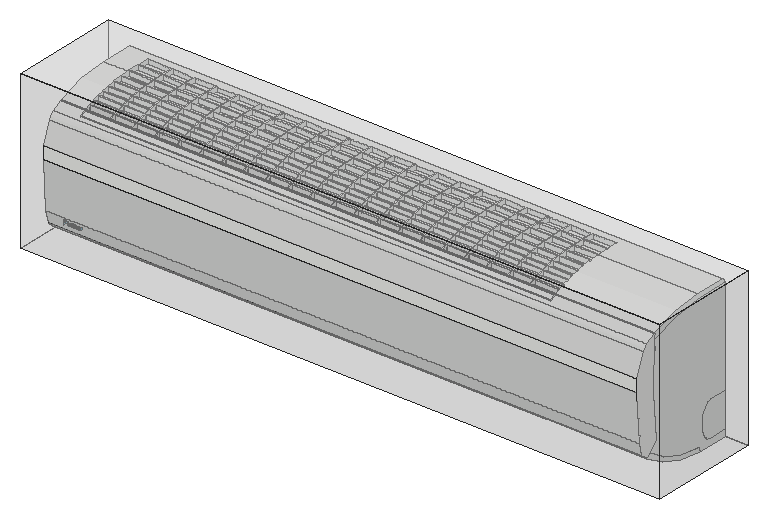
Revit family "outputfile", category 機械設備, Revit 2024
Family settings
  丸型コネクタ寸法 = 半径を使用
  パーツ タイプ = 標準
  OmniClass 番号 = 23.75.10.24.21.27.27
  OmniClass タイトル = Split System Air Conditioning Units
  作業面ベース = いいえ
  常に垂直 = はい
  ロード時にボイドで切り取り = いいえ
  注釈の向きを維持 = いいえ
  共有 = いいえ
  部屋計算ポイント = いいえ
Parameters (values of type "FTN71AXVL")
  Description = ""
  製造元 = "Daikin"
  書き出し IFC クラス(タイプ) = "IfcUnitaryEquipmentType"
  定義済み IFC タイプ(タイプ) = "AIRCONDITIONINGUNIT"
  Cost = 0
  モデル = "FTN71AXVL"
  Type Comments = ""
  Keynote = ""
  Type Image = (empty or 0)
  Assembly Code = ""
  switch_frequency = yes
  r_Liquid Pipe Size = Liquid Pipe Size / 2  # 4.75 mm
  r_Gas Pipe Size = Gas Pipe Size / 2  # 7.95 mm
  r_Drain Pipe Size = Drain Pipe Size / 2  # 9.5 mm
  lw_powersupply [instance] = if(or(Rear Right Connection_refrigerant, Bottom Right Connection_refrigerant), 60.0 mm, if(or(Rear Left Connection_refrigerant, Bottom Left Connection_refrigerant), 1289.0 mm - 30.0 mm, 400.0 mm))  # 400.0 mm
  lw_liquidpipe [instance] = if(or(Rear Right Connection_refrigerant, Bottom Right Connection_refrigerant), 8.5 mm + 2.0 mm, if(or(Rear Left Connection_refrigerant, Bottom Left Connection_refrigerant), 1289.0 mm - 53.0 mm - 80.0 mm, 1289.0 mm - 650.0 mm - 80.0 mm))  # 559.0 mm
  lw_gaspipe [instance] = if(or(Rear Right Connection_refrigerant, Bottom Right Connection_refrigerant), 0.0 mm, if(or(Rear Left Connection_refrigerant, Bottom Left Connection_refrigerant), 1289.0 mm - 64.0 mm - 80.0 mm, 1289.0 mm - 52.0 mm - 650.0 mm - 80.0 mm))  # 507.0 mm
  lw_drainpipe [instance] = if(or(Rear Right Connection_refrigerant, Bottom Right Connection_refrigerant), 0.0 mm, if(or(Rear Left Connection_refrigerant, Bottom Left Connection_refrigerant), 1289.0 mm - 49.0 mm - 80.0 mm, 0.0 mm))  # 0.0 mm
  l_powersupply_length [instance] = if(Right Connection_refrigerant, 400.0 mm, if(Left Connection_refrigerant, 1289.0 mm - 400.0 mm, if(or(Rear Left Connection_refrigerant, Rear Right Connection_refrigerant), 15.0 mm, 50.0 mm)))  # 400.0 mm
  l_liquidpipe_length [instance] = if(Right Connection_refrigerant, 1289.0 mm - 650.0 mm, if(Left Connection_refrigerant, 1289.0 mm - (1289.0 mm - 650.0 mm), if(or(Rear Left Connection_refrigerant, Rear Right Connection_refrigerant), 30.0 mm, 50.0 mm)))  # 639.0 mm
  l_gaspipe_length [instance] = if(Right Connection_refrigerant, 1289.0 mm - 52.0 mm - 650.0 mm, if(Left Connection_refrigerant, 1289.0 mm - (1289.0 mm - 52.0 mm - 650.0 mm), if(or(Rear Left Connection_refrigerant, Rear Right Connection_refrigerant), 40.0 mm, 50.0 mm)))  # 587.0 mm
  l_drainpipe_length [instance] = if(Right Connection_refrigerant, 80.0 mm, if(Left Connection_refrigerant, 1289.0 mm - 80.0 mm, if(or(Rear Left Connection_refrigerant, Rear Right Connection_refrigerant), 15.0 mm, 30.0 mm)))  # 80.0 mm
  h*** = 0.0 mm  # constant formula
  connector_voltage = 220 V
  connector_powerinput = [Power Input (Cooling)]  # 2.300 kW
  connector_phase = 1
  angle_vertical [instance] = if(or(Bottom Left Connection_refrigerant, Bottom Right Connection_refrigerant), 0.00°, 90.00°)  # 90.00°
  angle_horizontal [instance] = if(Right Connection_refrigerant, 90.00°, if(Left Connection_refrigerant, -90.00°, if(or(Rear Left Connection_refrigerant, Rear Right Connection_refrigerant), 180.00°, 0.00°)))  # 90.00°
  Width = 1289.0 mm
  Voltage_comment_60Hz = "220"
  Voltage_60Hz = 220 V
  Version = "ver.1.0"
  Unit Type = "Wall Mounted"
  Unit Mass Weight = 16.00 kg
  Unit Designation [instance] = ""
  Uniclass2015Version = "Products v1.30"
  Uniclass2015Title = "Split coil room air conditioning units"
  Uniclass2015Code = "Pr_70_65_03_86"
  URL = ""
  Total Cooling Capacity [instance] = 0.000 kW
  Sound Pressure Level_M speed (dBA) = 45
  Sound Pressure Level_L speed (dBA) = 38
  Sound Pressure Level_H speed (dBA) = 52
  Sound Power Level_H speed (dB) = 0
  Series = "Single Split_Fan Coil Unit"
  Sensible Cooling Capacity [instance] = 0.000 kW
  Refrigerant Type = "R410A"
  Power Input (Cooling) = 2.300 kW
  Phase_60Hz = 1
  Option Accessory 3 [instance] = ""
  Option Accessory 2 [instance] = ""
  Option Accessory 1 [instance] = ""
  Nominal Cooling Capacity = 8.060 kW
  Minimum Circuit Amps_60Hz = 0.0 A
  Minimum Airflow = 968.00 m³/h
  Median Airflow = 1291.00 m³/h
  Maximum Fuse Amps_60Hz = 0.0 A
  Maximum Airflow = 1682.00 m³/h
  Material_Casing = DAIKIN_White_Casing_indoorunit
  Load Classification = HVAC
  Liquid Pipe Size = 9.5 mm
  Link_Nested Family [instance] = ""
  IfcVersion = ""
  IfcExportType = "AIRCONDITIONINGUNIT"
  IfcExportAs = "IfcUnitaryEquipmentType"
  Height = 310.0 mm
  Heat Exchanger Type = "Cross Fin Coil"
  Gas Pipe Size = 15.9 mm
  Frequency_60Hz = 60 Hz
  Fan Type = "Cross Flow Fan"
  Fan Drive = "-"
  FCU Tag No. [instance] = ""
  Drain Pipe Size = 19.0 mm
  Design Supply Airflow [instance] = 0.00 m³/h
  Depth = 240.0 mm
  既定の高さ = 0.0 mm
  Cooling Entering Wet Bulb Temperature [instance] = 0.00 °C
  Cooling Entering Dry Bulb Temperature [instance] = 0.00 °C
  Cooling Ambient Wet Bulb Temperature [instance] = 0.00 °C
  Cooling Ambient Dry Bulb Temperature [instance] = 0.00 °C
  Clearance visibility [instance] = yes
  Clearance Top = 30.0 mm
  Clearance Right = 50.0 mm
  Clearance Rear = 0.0 mm
  Clearance Left = 50.0 mm
  Clearance Front = 0.0 mm
  Clearance Bottom = 0.0 mm
  Bottom Right Connection_refrigerant [instance] = no
  Bottom Left Connection_refrigerant [instance] = no
  Rear Right Connection_refrigerant [instance] = no
  Rear Left Connection_refrigerant [instance] = no
  Right Connection_refrigerant [instance] = yes
  Left Connection_refrigerant [instance] = no
Reference planes
  plane 1 "Back": y = 0
  plane 2: z = 0
  plane 3 "Center (Left/Right)": x = 0
  plane 4 "Center (Front/Back)": y = -120
  plane 5 "Front": y = -240
  plane 6 "Left": x = -644.5
  plane 7 "Right": x = 644.5
  plane 8 "Top": z = 0
  plane 9 "Bottom": z = -310
  plane 10: x = -694.5
  plane 11: x = 694.5
  plane 12: y = 0
  plane 13: y = -240
  plane 14: z = 30
  plane 15: z = -310
  plane 16 "lw_Piping and Wiring intake": x = 564.5
  plane 17 "lw_gaspipe": x = 57.5
  plane 18 "lw_liquidpipe": x = 5.5
  plane 19 "lw_drainpipe": x = 564.5
  plane 20 "lh_drainpipe": z = -280
  plane 21 "lh_liquidpipe": z = -260
  plane 22 "lh_gaspipe": z = -260
  plane 23 "ld_drainpipe": y = -15
  plane 24 "ld_liquidpipe": y = -30
  plane 25 "ld_gaspipe": y = -40
  plane 26 "lw_powersupply": x = 244.5
Dimensions and locks
  equal spacing: plane 6 "Left", plane 3 "Center (Left/Right)", plane 7 "Right"
  "Width": plane 6 "Left" to plane 7 "Right"
  equal spacing: plane 5 "Front", plane 4 "Center (Front/Back)", plane 1 "Back"
  "Depth": plane 5 "Front" to plane 1 "Back"
  "Height": plane 8 "Top" to plane 9 "Bottom"
  "Clearance Rear": plane 12 to plane 1 "Back"
  "Clearance Front": plane 13 to plane 5 "Front"
  "Clearance Top": plane 14 to plane 8 "Top"
  "Clearance Bottom": plane 9 "Bottom" to plane 15
  locked: plane 16 "lw_Piping and Wiring intake" to plane 7 "Right" at 80
  "lw_gaspipe": plane 17 "lw_gaspipe" to plane 16 "lw_Piping and Wiring intake"
  "lw_liquidpipe": plane 18 "lw_liquidpipe" to plane 16 "lw_Piping and Wiring intake"
  "lw_drainpipe": plane 19 "lw_drainpipe" to plane 16 "lw_Piping and Wiring intake"
  locked: plane 20 "lh_drainpipe" to plane 9 "Bottom" at 30
  locked: plane 21 "lh_liquidpipe" to plane 9 "Bottom" at 50
  locked: plane 22 "lh_gaspipe" to plane 9 "Bottom" at 50
  locked: plane 23 "ld_drainpipe" to plane 1 "Back" at 15
  locked: plane 1 "Back" to plane 24 "ld_liquidpipe" at 30
  locked: plane 1 "Back" to plane 25 "ld_gaspipe" at 40
  "lw_powersupply": plane 26 "lw_powersupply" to plane 7 "Right"
  "Clearance Left": plane 10 to plane 6 "Left"
  "Clearance Right": plane 7 "Right" to plane 11
  aligned and locked: level to plane 2
  aligned and locked: plane 12 to nested 1
  aligned and locked: nested 1 to plane 13
  aligned and locked: plane 10 to nested 1
  aligned and locked: plane 11 to nested 1
  aligned and locked: plane 17 "lw_gaspipe" to nested 2
  aligned and locked: nested 2 to plane 25 "ld_gaspipe"
  aligned and locked: plane 18 "lw_liquidpipe" to nested 3
  aligned and locked: nested 3 to plane 24 "ld_liquidpipe"
  aligned and locked: plane 19 "lw_drainpipe" to nested 4
  aligned and locked: nested 4 to plane 23 "ld_drainpipe"
  aligned and locked: nested 5 to plane 23 "ld_drainpipe"
  aligned and locked: plane 26 "lw_powersupply" to nested 5
  aligned and locked: level to plane 8 "Top"
  aligned and locked: plane 14 to nested 1
  aligned and locked: plane 15 to nested 1
  aligned and locked: plane 1 "Back" to nested 6
  aligned and locked: plane 3 "Center (Left/Right)" to nested 6
  aligned and locked: plane 8 "Top" to nested 6
Nested families
  nested 1: "daikin_clearancespace" at (0, -120, -139.881), show <- "Clearance visibility", visible <- "Clearance visibility", Link_Nested Family <- "Link_Nested Family", type "daikin_clearancespace"
    with width 1389.0 mm, show yes, height 340.0 mm, depth 240.0 mm, Link_Nested Family ""
  nested 2: "daikin_connector_rotate3" at (57.5, -40, -260), angle_vertical <- "angle_vertical", angle_horizontal <- "angle_horizontal", length <- "l_gaspipe_length", radius <- "r_Gas Pipe Size", type "daikin_connector_rotate3"
    with show no, radius 7.95 mm, length 587.0 mm, angle_vertical 90.00°, angle_horizontal 90.00°
  nested 3: "daikin_connector_rotate3" at (5.5, -30, -260), angle_vertical <- "angle_vertical", angle_horizontal <- "angle_horizontal", radius <- "r_Liquid Pipe Size", length <- "l_liquidpipe_length", type "daikin_connector_rotate3"
    with show no, radius 4.75 mm, length 639.0 mm, angle_vertical 90.00°, angle_horizontal 90.00°
  nested 4: "daikin_connector_rotate3" at (564.5, -15, -280), angle_vertical <- "angle_vertical", angle_horizontal <- "angle_horizontal", length <- "l_drainpipe_length", radius <- "r_Drain Pipe Size", type "daikin_connector_rotate3"
    with show no, radius 9.5 mm, length 80.0 mm, angle_vertical 90.00°, angle_horizontal 90.00°
  nested 5: "daikin_connector_rotate3" at (244.5, -15, -260), angle_vertical <- "angle_vertical", angle_horizontal <- "angle_horizontal", length <- "l_powersupply_length", type "daikin_connector_rotate3"
    with show no, radius 10.0 mm, length 400.0 mm, angle_vertical 90.00°, angle_horizontal 90.00°
  nested 6: "DAIKIN_indoorunit_FTN-AXVL" at (-31, 0, 0), type "FTN-AXVL"
Connectors
  piping at (644.5, -40, -260), diameter 15.9, driven by "r_Gas Pipe Size"
    settings: on nested 2, index 1, connector inside diameter 609.6 mm, connector length 0.0 mm, flow factor 0, pipe flow 0.00 m³/h, pressure drop 0.0 Pa, fitting loss kfactor 0, connector angle 0.00°, fixture units 0, engagement length 0.0 mm, angle of deflection 0.00°, flow configuration 1, flow direction 2, fitting loss method 0, system type 29, joint type 0, gender type 0, connector reference index -1, connector utility 0, adjustable connector no, is connector primary yes, connector description "Refrigerant Gas Piping"
  piping at (644.5, -30, -260), diameter 9.5, driven by "r_Liquid Pipe Size"
    settings: on nested 3, index 2, connector inside diameter 609.6 mm, connector length 0.0 mm, flow factor 0, pipe flow 0.00 m³/h, pressure drop 0.0 Pa, fitting loss kfactor 0, connector angle 0.00°, fixture units 0, engagement length 0.0 mm, angle of deflection 0.00°, flow configuration 1, flow direction 1, fitting loss method 0, system type 29, joint type 0, gender type 0, connector reference index -1, connector utility 0, adjustable connector no, is connector primary no, connector description "Refrigerant Liquid Piping"
  piping at (644.5, -15, -280), diameter 19, driven by "r_Drain Pipe Size"
    settings: on nested 4, index 3, connector inside diameter 609.6 mm, connector length 0.0 mm, flow factor 0, pipe flow 0.00 m³/h, pressure drop 0.0 Pa, fitting loss kfactor 0, connector angle 0.00°, fixture units 0, engagement length 0.0 mm, angle of deflection 0.00°, flow configuration 1, flow direction 2, fitting loss method 4, system type 16, joint type 0, gender type 0, connector reference index -1, connector utility 0, adjustable connector no, is connector primary no, connector description "Condensate Drain Piping"
  electrical at (644.5, -15, -260), driven by "Load Classification", driven by "connector_voltage", driven by "connector_powerinput", driven by "connector_phase"
    settings: on nested 5, index 4, voltage 220 V, apparent load 2300 VA, apparent load phase1 0 VA, apparent load phase2 0 VA, apparent load phase3 0 VA, power factor 1, load classification "HVAC", number of poles 1, system type 30, power factor state 1, is connector primary yes, connector utility no, sub classification motor no, connector description "Power Supply"
Definition of nested family "daikin_clearancespace"
  Parameters (values of type "daikin_clearancespace")
    Description = "daikin_clearancespace"
    width [instance] = 1823.963 mm
    show [instance] = yes
    material = none
    height [instance] = 1359.762 mm
    depth [instance] = 880.0 mm
    Default Elevation = 0.0 mm
    Link_Nested Family [instance] = ""
  Reference planes
    plane 1 "Center (Front/Back)": y = 0
    plane 2 "Center (Elevation)": z = -0.119
    plane 3 "Center (Left/Right)": x = 0
    plane 4: y = 440
    plane 5: y = -440
    plane 6 "Right": x = 911.982
    plane 7 "Left": x = -911.982
    plane 8 "Top": z = 679.762
    plane 9 "Bottom": z = -680
  Forms (mm)
    Extrusion 1, solid, material <- "material", visible <- "show"
      sketch origin (0, 0, 0) x (1, 0, 0) y (0, 1, 0)
        loop
          line (-911.982, 440) -> (-911.982, -440) -> (911.982, -440) -> (911.982, 440) -> (-911.982, 440)
      from -680 to 679.762
  Lines and regions (mm)
    symbolic lines, visible <- "show"
      curve 1: line (911.982, 440, 0) -> (-911.982, 440, 0)
      curve 2: line (-911.982, 440, 0) -> (-911.982, -440, 0)
      curve 3: line (-911.982, -440, 0) -> (911.982, -440, 0)
      curve 4: line (911.982, -440, 0) -> (911.982, 440, 0)
      curve 5: line (911.982, 0, 679.762) -> (-911.982, 0, 679.762)
      curve 6: line (911.982, 0, -680) -> (911.982, 0, 679.762)
      curve 7: line (-911.982, 0, -680) -> (911.982, 0, -680)
      curve 8: line (-911.982, 0, 679.762) -> (-911.982, 0, -680)
      curve 9: line (0, 440, 679.762) -> (0, -440, 679.762)
      curve 10: line (0, -440, 679.762) -> (0, -440, -680)
      curve 11: line (0, 440, -680) -> (0, 440, 679.762)
      curve 12: line (0, -440, -680) -> (0, 440, -680)
  Dimensions and locks
    "width": plane 7 "Left" to plane 6 "Right"
    "depth": plane 4 to plane 5
    "height": plane 8 "Top" to plane 9 "Bottom"
    equal spacing: plane 7 "Left", plane 3 "Center (Left/Right)", plane 6 "Right"
    equal spacing: plane 4, plane 1 "Center (Front/Back)", plane 5
    equal spacing: plane 8 "Top", plane 2 "Center (Elevation)", plane 9 "Bottom"
    aligned and locked: level to plane 2 "Center (Elevation)"
    aligned and locked: Extrusion 1 sketch curve to plane 4
    aligned and locked: plane 7 "Left" to Extrusion 1 sketch curve
    aligned and locked: Extrusion 1 sketch curve to plane 5
    aligned and locked: Extrusion 1 sketch curve to plane 6 "Right"
    aligned and locked: plane 8 "Top" to Extrusion 1
    aligned and locked: curve 1 to Extrusion 1
    aligned and locked: curve 2 to Extrusion 1
    aligned and locked: curve 3 to Extrusion 1
    aligned and locked: curve 4 to Extrusion 1
    aligned and locked: curve 5 to Extrusion 1
    aligned and locked: curve 6 to Extrusion 1
    aligned and locked: curve 7 to Extrusion 1
    aligned and locked: curve 8 to Extrusion 1
    aligned and locked: curve 9 to Extrusion 1
    aligned and locked: curve 10 to Extrusion 1
    aligned and locked: curve 11 to Extrusion 1
    aligned and locked: curve 12 to Extrusion 1
    aligned and locked: Extrusion 1 to plane 9 "Bottom"
Definition of nested family "DAIKIN_indoorunit_FTN-AXVL"
  Parameters (values of type "FTN-AXVL")
    Width = 1289.0 mm
    Material_Casing = none
    Height = 310.0 mm
    Default Elevation = 0.0 mm
  Reference planes
    plane 1 "Center (Front/Back)": y = 0
    plane 2 "reference_level": z = 0
    plane 3 "Center (Left/Right)": x = 31
    plane 4: x = -613.5
    plane 5: x = 675.5
    plane 6: x = -613.5
    plane 7: x = 675.5
    plane 8: z = -310
    plane 9: y = -240
  Forms (mm)
    Extrusion 1, solid, material <- "Material_Casing"
      sketch origin (31, 0, 0) x (0, 1, 0) y (0, 0, 1)
        loop
          line (-240, -108.683) -> (-240, -119.855)
          arc (-240, -119.855) -> (-238.102, -170.868) -> (-232.417, -221.599) r 686.386
          arc (-232.417, -221.599) -> (-229.642, -235.369) -> (-225.505, -248.793) r 140.317
          line (-225.505, -248.793) -> (-213.122, -258.896) -> (-189.477, -235.225)
          arc (-189.477, -235.225) -> (-197.238, -135.966) -> (-193.225, -36.486) r 841.8
          arc (-193.225, -36.486) -> (-200.396, -40.104) -> (-207.345, -44.133) r 138.405
          arc (-207.345, -44.133) -> (-211.101, -47.384) -> (-213.669, -51.636) r 15.895
          line (-213.669, -51.636) -> (-240, -108.683)
      from -644.5 to 644.5
    Extrusion 2, void
      sketch origin (33, 0, 0) x (1, 0, 0) y (0, 1, 0)
        loop
          line (-540.8, -47.517) -> (-540.8, -23.017) -> (-594, -23.017) -> (-594, -47.517) -> (-540.8, -47.517)
        loop
          line (-540.8, -72.517) -> (-540.8, -49.517) -> (-594, -49.517) -> (-594, -72.517) -> (-540.8, -72.517)
        loop
          line (-540.8, -74.517) -> (-594, -74.517) -> (-594, -93.735) -> (-540.8, -93.735) -> (-540.8, -74.517)
        loop
          line (-540.8, -95.517) -> (-594, -95.517) -> (-594, -113.517) -> (-540.8, -113.517) -> (-540.8, -95.517)
        loop
          line (-540.8, -115.517) -> (-594, -115.517) -> (-594, -128.517) -> (-540.8, -128.517) -> (-540.8, -115.517)
        loop
          line (-540.8, -145.517) -> (-594, -145.517) -> (-594, -155.517) -> (-540.8, -155.517) -> (-540.8, -145.517)
        loop
          line (-540.8, -157.517) -> (-594, -157.517) -> (-594, -167.517) -> (-540.8, -167.517) -> (-540.8, -157.517)
        loop
          line (-540.8, -169.517) -> (-594, -169.517) -> (-594, -178.517) -> (-540.8, -178.517) -> (-540.8, -169.517)
        loop
          line (-540.8, -180.517) -> (-594, -180.517) -> (-594, -190.517) -> (-540.8, -190.517) -> (-540.8, -180.517)
        loop
          line (-298.8, -23.017) -> (-298.8, -47.517) -> (-252.8, -47.517) -> (-252.8, -23.017) -> (-298.8, -23.017)
        loop
          line (-252.8, -49.517) -> (-298.8, -49.517) -> (-298.8, -72.517) -> (-252.8, -72.517) -> (-252.8, -49.517)
        loop
          line (-298.8, -74.517) -> (-298.8, -93.517) -> (-252.8, -93.517) -> (-252.8, -74.517) -> (-298.8, -74.517)
        loop
          line (-252.8, -95.517) -> (-298.8, -95.517) -> (-298.8, -113.517) -> (-252.8, -113.517) -> (-252.8, -95.517)
        loop
          line (-298.8, -115.517) -> (-298.8, -128.517) -> (-252.8, -128.517) -> (-252.8, -115.517) -> (-298.8, -115.517)
        loop
          line (-252.8, -145.517) -> (-298.8, -145.517) -> (-298.8, -155.517) -> (-252.8, -155.517) -> (-252.8, -145.517)
        loop
          line (-298.8, -157.517) -> (-298.8, -167.517) -> (-252.8, -167.517) -> (-252.8, -157.517) -> (-298.8, -157.517)
        loop
          line (-252.8, -169.517) -> (-298.8, -169.517) -> (-298.8, -178.517) -> (-252.8, -178.517) -> (-252.8, -169.517)
        loop
          line (-298.8, -180.517) -> (-298.8, -190.517) -> (-252.8, -190.517) -> (-252.8, -180.517) -> (-298.8, -180.517)
        loop
          line (-250.8, -23.017) -> (-250.8, -47.517) -> (-204.8, -47.517) -> (-204.8, -23.017) -> (-250.8, -23.017)
        loop
          line (-204.8, -49.517) -> (-250.8, -49.517) -> (-250.8, -72.517) -> (-204.8, -72.517) -> (-204.8, -49.517)
        loop
          line (-250.8, -74.517) -> (-250.8, -93.517) -> (-204.8, -93.517) -> (-204.8, -74.517) -> (-250.8, -74.517)
        loop
          line (-204.8, -95.517) -> (-250.8, -95.517) -> (-250.8, -113.517) -> (-204.8, -113.517) -> (-204.8, -95.517)
        loop
          line (-250.8, -115.517) -> (-250.8, -128.517) -> (-204.8, -128.517) -> (-204.8, -115.517) -> (-250.8, -115.517)
        loop
          line (-204.8, -145.517) -> (-250.8, -145.517) -> (-250.8, -155.517) -> (-204.8, -155.517) -> (-204.8, -145.517)
        loop
          line (-250.8, -157.517) -> (-250.8, -167.517) -> (-204.8, -167.517) -> (-204.8, -157.517) -> (-250.8, -157.517)
        loop
          line (-204.8, -169.517) -> (-250.8, -169.517) -> (-250.8, -178.517) -> (-204.8, -178.517) -> (-204.8, -169.517)
        loop
          line (-250.8, -180.517) -> (-250.8, -190.517) -> (-204.8, -190.517) -> (-204.8, -180.517) -> (-250.8, -180.517)
        loop
          line (-202.8, -23.017) -> (-202.8, -47.517) -> (-156.8, -47.517) -> (-156.8, -23.017) -> (-202.8, -23.017)
        loop
          line (-156.8, -49.517) -> (-202.8, -49.517) -> (-202.8, -72.517) -> (-156.8, -72.517) -> (-156.8, -49.517)
        loop
          line (-202.8, -74.517) -> (-202.8, -93.517) -> (-156.8, -93.517) -> (-156.8, -74.517) -> (-202.8, -74.517)
        loop
          line (-156.8, -95.517) -> (-202.8, -95.517) -> (-202.8, -113.517) -> (-156.8, -113.517) -> (-156.8, -95.517)
        loop
          line (-202.8, -115.517) -> (-202.8, -128.517) -> (-156.8, -128.517) -> (-156.8, -115.517) -> (-202.8, -115.517)
        loop
          line (-156.8, -145.517) -> (-202.8, -145.517) -> (-202.8, -155.517) -> (-156.8, -155.517) -> (-156.8, -145.517)
        loop
          line (-202.8, -157.517) -> (-202.8, -167.517) -> (-156.8, -167.517) -> (-156.8, -157.517) -> (-202.8, -157.517)
        loop
          line (-156.8, -169.517) -> (-202.8, -169.517) -> (-202.8, -178.517) -> (-156.8, -178.517) -> (-156.8, -169.517)
        loop
          line (-202.8, -180.517) -> (-202.8, -190.517) -> (-156.8, -190.517) -> (-156.8, -180.517) -> (-202.8, -180.517)
        loop
          line (-154.8, -23.017) -> (-154.8, -47.517) -> (-108.8, -47.517) -> (-108.8, -23.017) -> (-154.8, -23.017)
        loop
          line (-108.8, -49.517) -> (-154.8, -49.517) -> (-154.8, -72.517) -> (-108.8, -72.517) -> (-108.8, -49.517)
        loop
          line (-154.8, -74.517) -> (-154.8, -93.517) -> (-108.8, -93.517) -> (-108.8, -74.517) -> (-154.8, -74.517)
        loop
          line (-108.8, -95.517) -> (-154.8, -95.517) -> (-154.8, -113.517) -> (-108.8, -113.517) -> (-108.8, -95.517)
        loop
          line (-154.8, -115.517) -> (-154.8, -128.517) -> (-108.8, -128.517) -> (-108.8, -115.517) -> (-154.8, -115.517)
        loop
          line (-108.8, -145.517) -> (-154.8, -145.517) -> (-154.8, -155.517) -> (-108.8, -155.517) -> (-108.8, -145.517)
        loop
          line (-154.8, -157.517) -> (-154.8, -167.517) -> (-108.8, -167.517) -> (-108.8, -157.517) -> (-154.8, -157.517)
        loop
          line (-108.8, -169.517) -> (-154.8, -169.517) -> (-154.8, -178.517) -> (-108.8, -178.517) -> (-108.8, -169.517)
        loop
          line (-154.8, -180.517) -> (-154.8, -190.517) -> (-108.8, -190.517) -> (-108.8, -180.517) -> (-154.8, -180.517)
        loop
          line (-106.8, -23.017) -> (-106.8, -47.517) -> (-60.8, -47.517) -> (-60.8, -23.017) -> (-106.8, -23.017)
        loop
          line (-60.8, -49.517) -> (-106.8, -49.517) -> (-106.8, -72.517) -> (-60.8, -72.517) -> (-60.8, -49.517)
        loop
          line (-106.8, -74.517) -> (-106.8, -93.517) -> (-60.8, -93.517) -> (-60.8, -74.517) -> (-106.8, -74.517)
        loop
          line (-60.8, -95.517) -> (-106.8, -95.517) -> (-106.8, -113.517) -> (-60.8, -113.517) -> (-60.8, -95.517)
        loop
          line (-106.8, -115.517) -> (-106.8, -128.517) -> (-60.8, -128.517) -> (-60.8, -115.517) -> (-106.8, -115.517)
        loop
          line (-60.8, -145.517) -> (-106.8, -145.517) -> (-106.8, -155.517) -> (-60.8, -155.517) -> (-60.8, -145.517)
        loop
          line (-106.8, -157.517) -> (-106.8, -167.517) -> (-60.8, -167.517) -> (-60.8, -157.517) -> (-106.8, -157.517)
        loop
          line (-60.8, -169.517) -> (-106.8, -169.517) -> (-106.8, -178.517) -> (-60.8, -178.517) -> (-60.8, -169.517)
        loop
          line (-106.8, -180.517) -> (-106.8, -190.517) -> (-60.8, -190.517) -> (-60.8, -180.517) -> (-106.8, -180.517)
        loop
          line (37.2, -23.017) -> (37.2, -47.517) -> (83.2, -47.517) -> (83.2, -23.017) -> (37.2, -23.017)
        loop
          line (83.2, -49.517) -> (37.2, -49.517) -> (37.2, -72.517) -> (83.2, -72.517) -> (83.2, -49.517)
        loop
          line (37.2, -74.517) -> (37.2, -93.517) -> (83.2, -93.517) -> (83.2, -74.517) -> (37.2, -74.517)
        loop
          line (83.2, -95.517) -> (37.2, -95.517) -> (37.2, -113.517) -> (83.2, -113.517) -> (83.2, -95.517)
        loop
          line (37.2, -115.517) -> (37.2, -128.517) -> (83.2, -128.517) -> (83.2, -115.517) -> (37.2, -115.517)
        loop
          line (83.2, -145.517) -> (37.2, -145.517) -> (37.2, -155.517) -> (83.2, -155.517) -> (83.2, -145.517)
        loop
          line (37.2, -157.517) -> (37.2, -167.517) -> (83.2, -167.517) -> (83.2, -157.517) -> (37.2, -157.517)
        loop
          line (83.2, -169.517) -> (37.2, -169.517) -> (37.2, -178.517) -> (83.2, -178.517) -> (83.2, -169.517)
        loop
          line (37.2, -180.517) -> (37.2, -190.517) -> (83.2, -190.517) -> (83.2, -180.517) -> (37.2, -180.517)
        loop
          line (85.2, -23.017) -> (85.2, -47.517) -> (131.2, -47.517) -> (131.2, -23.017) -> (85.2, -23.017)
        loop
          line (131.2, -49.517) -> (85.2, -49.517) -> (85.2, -72.517) -> (131.2, -72.517) -> (131.2, -49.517)
        loop
          line (85.2, -74.517) -> (85.2, -93.517) -> (131.2, -93.517) -> (131.2, -74.517) -> (85.2, -74.517)
        loop
          line (131.2, -95.517) -> (85.2, -95.517) -> (85.2, -113.517) -> (131.2, -113.517) -> (131.2, -95.517)
        loop
          line (85.2, -115.517) -> (85.2, -128.517) -> (131.2, -128.517) -> (131.2, -115.517) -> (85.2, -115.517)
        loop
          line (131.2, -145.517) -> (85.2, -145.517) -> (85.2, -155.517) -> (131.2, -155.517) -> (131.2, -145.517)
        loop
          line (85.2, -157.517) -> (85.2, -167.517) -> (131.2, -167.517) -> (131.2, -157.517) -> (85.2, -157.517)
        loop
          line (131.2, -169.517) -> (85.2, -169.517) -> (85.2, -178.517) -> (131.2, -178.517) -> (131.2, -169.517)
        loop
          line (85.2, -180.517) -> (85.2, -190.517) -> (131.2, -190.517) -> (131.2, -180.517) -> (85.2, -180.517)
        loop
          line (133.2, -23.017) -> (133.2, -47.517) -> (179.2, -47.517) -> (179.2, -23.017) -> (133.2, -23.017)
        loop
          line (179.2, -49.517) -> (133.2, -49.517) -> (133.2, -72.517) -> (179.2, -72.517) -> (179.2, -49.517)
        loop
          line (133.2, -74.517) -> (133.2, -93.517) -> (179.2, -93.517) -> (179.2, -74.517) -> (133.2, -74.517)
        loop
          line (179.2, -95.517) -> (133.2, -95.517) -> (133.2, -113.517) -> (179.2, -113.517) -> (179.2, -95.517)
        loop
          line (133.2, -115.517) -> (133.2, -128.517) -> (179.2, -128.517) -> (179.2, -115.517) -> (133.2, -115.517)
        loop
          line (179.2, -145.517) -> (133.2, -145.517) -> (133.2, -155.517) -> (179.2, -155.517) -> (179.2, -145.517)
        loop
          line (133.2, -157.517) -> (133.2, -167.517) -> (179.2, -167.517) -> (179.2, -157.517) -> (133.2, -157.517)
        loop
          line (179.2, -169.517) -> (133.2, -169.517) -> (133.2, -178.517) -> (179.2, -178.517) -> (179.2, -169.517)
        loop
          line (133.2, -180.517) -> (133.2, -190.517) -> (179.2, -190.517) -> (179.2, -180.517) -> (133.2, -180.517)
        loop
          line (181.2, -23.017) -> (181.2, -47.517) -> (227.2, -47.517) -> (227.2, -23.017) -> (181.2, -23.017)
        loop
          line (227.2, -49.517) -> (181.2, -49.517) -> (181.2, -72.517) -> (227.2, -72.517) -> (227.2, -49.517)
        loop
          line (181.2, -74.517) -> (181.2, -93.517) -> (227.2, -93.517) -> (227.2, -74.517) -> (181.2, -74.517)
        loop
          line (227.2, -95.517) -> (181.2, -95.517) -> (181.2, -113.517) -> (227.2, -113.517) -> (227.2, -95.517)
        loop
          line (181.2, -115.517) -> (181.2, -128.517) -> (227.2, -128.517) -> (227.2, -115.517) -> (181.2, -115.517)
        loop
          line (227.2, -145.517) -> (181.2, -145.517) -> (181.2, -155.517) -> (227.2, -155.517) -> (227.2, -145.517)
        loop
          line (181.2, -157.517) -> (181.2, -167.517) -> (227.2, -167.517) -> (227.2, -157.517) -> (181.2, -157.517)
        loop
          line (227.2, -169.517) -> (181.2, -169.517) -> (181.2, -178.517) -> (227.2, -178.517) -> (227.2, -169.517)
        loop
          line (181.2, -180.517) -> (181.2, -190.517) -> (227.2, -190.517) -> (227.2, -180.517) -> (181.2, -180.517)
        loop
          line (229.2, -23.017) -> (229.2, -47.517) -> (275.2, -47.517) -> (275.2, -23.017) -> (229.2, -23.017)
        loop
          line (275.2, -49.517) -> (229.2, -49.517) -> (229.2, -72.517) -> (275.2, -72.517) -> (275.2, -49.517)
        loop
          line (229.2, -74.517) -> (229.2, -93.517) -> (275.2, -93.517) -> (275.2, -74.517) -> (229.2, -74.517)
        loop
          line (275.2, -95.517) -> (229.2, -95.517) -> (229.2, -113.517) -> (275.2, -113.517) -> (275.2, -95.517)
        loop
          line (229.2, -115.517) -> (229.2, -128.517) -> (275.2, -128.517) -> (275.2, -115.517) -> (229.2, -115.517)
        loop
          line (275.2, -145.517) -> (229.2, -145.517) -> (229.2, -155.517) -> (275.2, -155.517) -> (275.2, -145.517)
        loop
          line (229.2, -157.517) -> (229.2, -167.517) -> (275.2, -167.517) -> (275.2, -157.517) -> (229.2, -157.517)
        loop
          line (275.2, -169.517) -> (229.2, -169.517) -> (229.2, -178.517) -> (275.2, -178.517) -> (275.2, -169.517)
        loop
          line (229.2, -180.517) -> (229.2, -190.517) -> (275.2, -190.517) -> (275.2, -180.517) -> (229.2, -180.517)
        loop
          line (-58.8, -23.017) -> (-58.8, -47.517) -> (-12.8, -47.517) -> (-12.8, -23.017) -> (-58.8, -23.017)
        loop
          line (-12.8, -49.517) -> (-58.8, -49.517) -> (-58.8, -72.517) -> (-12.8, -72.517) -> (-12.8, -49.517)
        loop
          line (-58.8, -74.517) -> (-58.8, -93.517) -> (-12.8, -93.517) -> (-12.8, -74.517) -> (-58.8, -74.517)
        loop
          line (-12.8, -95.517) -> (-58.8, -95.517) -> (-58.8, -113.517) -> (-12.8, -113.517) -> (-12.8, -95.517)
        loop
          line (-58.8, -115.517) -> (-58.8, -128.517) -> (-12.8, -128.517) -> (-12.8, -115.517) -> (-58.8, -115.517)
        loop
          line (-12.8, -145.517) -> (-58.8, -145.517) -> (-58.8, -155.517) -> (-12.8, -155.517) -> (-12.8, -145.517)
        loop
          line (-58.8, -157.517) -> (-58.8, -167.517) -> (-12.8, -167.517) -> (-12.8, -157.517) -> (-58.8, -157.517)
        loop
          line (-12.8, -169.517) -> (-58.8, -169.517) -> (-58.8, -178.517) -> (-12.8, -178.517) -> (-12.8, -169.517)
        loop
          line (-58.8, -180.517) -> (-58.8, -190.517) -> (-12.8, -190.517) -> (-12.8, -180.517) -> (-58.8, -180.517)
        loop
          line (277.2, -23.017) -> (277.2, -47.517) -> (323.2, -47.517) -> (323.2, -23.017) -> (277.2, -23.017)
        loop
          line (323.2, -49.517) -> (277.2, -49.517) -> (277.2, -72.517) -> (323.2, -72.517) -> (323.2, -49.517)
        loop
          line (277.2, -74.517) -> (277.2, -93.517) -> (323.2, -93.517) -> (323.2, -74.517) -> (277.2, -74.517)
        loop
          line (323.2, -95.517) -> (277.2, -95.517) -> (277.2, -113.517) -> (323.2, -113.517) -> (323.2, -95.517)
        loop
          line (277.2, -115.517) -> (277.2, -128.517) -> (323.2, -128.517) -> (323.2, -115.517) -> (277.2, -115.517)
        loop
          line (323.2, -145.517) -> (277.2, -145.517) -> (277.2, -155.517) -> (323.2, -155.517) -> (323.2, -145.517)
        loop
          line (277.2, -157.517) -> (277.2, -167.517) -> (323.2, -167.517) -> (323.2, -157.517) -> (277.2, -157.517)
        loop
          line (323.2, -169.517) -> (277.2, -169.517) -> (277.2, -178.517) -> (323.2, -178.517) -> (323.2, -169.517)
        loop
          line (277.2, -180.517) -> (277.2, -190.517) -> (323.2, -190.517) -> (323.2, -180.517) -> (277.2, -180.517)
        loop
          line (325.2, -23.017) -> (325.2, -47.517) -> (371.2, -47.517) -> (371.2, -23.017) -> (325.2, -23.017)
        loop
          line (371.2, -49.517) -> (325.2, -49.517) -> (325.2, -72.517) -> (371.2, -72.517) -> (371.2, -49.517)
        loop
          line (325.2, -74.517) -> (325.2, -93.517) -> (371.2, -93.517) -> (371.2, -74.517) -> (325.2, -74.517)
        loop
          line (371.2, -95.517) -> (325.2, -95.517) -> (325.2, -113.517) -> (371.2, -113.517) -> (371.2, -95.517)
        loop
          line (325.2, -115.517) -> (325.2, -128.517) -> (371.2, -128.517) -> (371.2, -115.517) -> (325.2, -115.517)
        loop
          line (371.2, -145.517) -> (325.2, -145.517) -> (325.2, -155.517) -> (371.2, -155.517) -> (371.2, -145.517)
        loop
          line (325.2, -157.517) -> (325.2, -167.517) -> (371.2, -167.517) -> (371.2, -157.517) -> (325.2, -157.517)
        loop
          line (371.2, -169.517) -> (325.2, -169.517) -> (325.2, -178.517) -> (371.2, -178.517) -> (371.2, -169.517)
        loop
          line (325.2, -180.517) -> (325.2, -190.517) -> (371.2, -190.517) -> (371.2, -180.517) -> (325.2, -180.517)
        loop
          line (373.2, -23.017) -> (373.2, -47.517) -> (426.4, -47.517) -> (426.4, -23.017) -> (373.2, -23.017)
        loop
          line (426.4, -49.517) -> (373.2, -49.517) -> (373.2, -72.517) -> (426.4, -72.517) -> (426.4, -49.517)
        loop
          line (373.2, -74.517) -> (373.2, -93.517) -> (426.4, -93.517) -> (426.4, -74.517) -> (373.2, -74.517)
        loop
          line (426.4, -95.517) -> (373.2, -95.517) -> (373.2, -113.517) -> (426.4, -113.517) -> (426.4, -95.517)
        loop
          line (373.2, -115.517) -> (373.2, -128.517) -> (426.4, -128.517) -> (426.4, -115.517) -> (373.2, -115.517)
        loop
          line (426.4, -145.517) -> (373.2, -145.517) -> (373.2, -155.517) -> (426.4, -155.517) -> (426.4, -145.517)
        loop
          line (373.2, -157.517) -> (373.2, -167.517) -> (426.4, -167.517) -> (426.4, -157.517) -> (373.2, -157.517)
        loop
          line (426.4, -169.517) -> (373.2, -169.517) -> (373.2, -178.517) -> (426.4, -178.517) -> (426.4, -169.517)
        loop
          line (373.2, -180.517) -> (373.2, -190.517) -> (426.4, -190.517) -> (426.4, -180.517) -> (373.2, -180.517)
        loop
          line (35.2, -23.017) -> (-10.8, -23.017) -> (-10.8, -47.517) -> (35.2, -47.517) -> (35.2, -23.017)
        loop
          line (-10.8, -49.517) -> (-10.8, -72.517) -> (35.2, -72.517) -> (35.2, -49.517) -> (-10.8, -49.517)
        loop
          line (35.2, -74.517) -> (-10.8, -74.517) -> (-10.8, -93.517) -> (35.2, -93.517) -> (35.2, -74.517)
        loop
          line (-10.8, -95.517) -> (-10.8, -113.517) -> (35.2, -113.517) -> (35.2, -95.517) -> (-10.8, -95.517)
        loop
          line (35.2, -115.517) -> (-10.8, -115.517) -> (-10.8, -128.517) -> (35.2, -128.517) -> (35.2, -115.517)
        loop
          line (-10.8, -145.517) -> (-10.8, -155.517) -> (35.2, -155.517) -> (35.2, -145.517) -> (-10.8, -145.517)
        loop
          line (35.2, -157.517) -> (-10.8, -157.517) -> (-10.8, -167.517) -> (35.2, -167.517) -> (35.2, -157.517)
        loop
          line (-10.8, -169.517) -> (-10.8, -178.517) -> (35.2, -178.517) -> (35.2, -169.517) -> (-10.8, -169.517)
        loop
          line (35.2, -180.517) -> (-10.8, -180.517) -> (-10.8, -190.517) -> (35.2, -190.517) -> (35.2, -180.517)
        loop
          line (-538.8, -23.017) -> (-538.8, -47.517) -> (-492.8, -47.517) -> (-492.8, -23.017) -> (-538.8, -23.017)
        loop
          line (-492.8, -49.517) -> (-538.8, -49.517) -> (-538.8, -72.517) -> (-492.8, -72.517) -> (-492.8, -49.517)
        loop
          line (-538.8, -74.517) -> (-538.8, -93.517) -> (-492.8, -93.517) -> (-492.8, -74.517) -> (-538.8, -74.517)
        loop
          line (-492.8, -95.517) -> (-538.8, -95.517) -> (-538.8, -113.517) -> (-492.8, -113.517) -> (-492.8, -95.517)
        loop
          line (-538.8, -115.517) -> (-538.8, -128.517) -> (-492.8, -128.517) -> (-492.8, -115.517) -> (-538.8, -115.517)
        loop
          line (-492.8, -145.517) -> (-538.8, -145.517) -> (-538.8, -155.517) -> (-492.8, -155.517) -> (-492.8, -145.517)
        loop
          line (-538.8, -157.517) -> (-538.8, -167.517) -> (-492.8, -167.517) -> (-492.8, -157.517) -> (-538.8, -157.517)
        loop
          line (-492.8, -169.517) -> (-538.8, -169.517) -> (-538.8, -178.517) -> (-492.8, -178.517) -> (-492.8, -169.517)
        loop
          line (-538.8, -180.517) -> (-538.8, -190.517) -> (-492.8, -190.517) -> (-492.8, -180.517) -> (-538.8, -180.517)
        loop
          line (-490.8, -23.017) -> (-490.8, -47.517) -> (-444.8, -47.517) -> (-444.8, -23.017) -> (-490.8, -23.017)
        loop
          line (-444.8, -49.517) -> (-490.8, -49.517) -> (-490.8, -72.517) -> (-444.8, -72.517) -> (-444.8, -49.517)
        loop
          line (-490.8, -74.517) -> (-490.8, -93.517) -> (-444.8, -93.517) -> (-444.8, -74.517) -> (-490.8, -74.517)
        loop
          line (-444.8, -95.517) -> (-490.8, -95.517) -> (-490.8, -113.517) -> (-444.8, -113.517) -> (-444.8, -95.517)
        loop
          line (-490.8, -115.517) -> (-490.8, -128.517) -> (-444.8, -128.517) -> (-444.8, -115.517) -> (-490.8, -115.517)
        loop
          line (-444.8, -145.517) -> (-490.8, -145.517) -> (-490.8, -155.517) -> (-444.8, -155.517) -> (-444.8, -145.517)
        loop
          line (-490.8, -157.517) -> (-490.8, -167.517) -> (-444.8, -167.517) -> (-444.8, -157.517) -> (-490.8, -157.517)
        loop
          line (-444.8, -169.517) -> (-490.8, -169.517) -> (-490.8, -178.517) -> (-444.8, -178.517) -> (-444.8, -169.517)
        loop
          line (-490.8, -180.517) -> (-490.8, -190.517) -> (-444.8, -190.517) -> (-444.8, -180.517) -> (-490.8, -180.517)
        loop
          line (-442.8, -23.017) -> (-442.8, -47.517) -> (-396.8, -47.517) -> (-396.8, -23.017) -> (-442.8, -23.017)
        loop
          line (-396.8, -49.517) -> (-442.8, -49.517) -> (-442.8, -72.517) -> (-396.8, -72.517) -> (-396.8, -49.517)
        loop
          line (-442.8, -74.517) -> (-442.8, -93.517) -> (-396.8, -93.517) -> (-396.8, -74.517) -> (-442.8, -74.517)
        loop
          line (-396.8, -95.517) -> (-442.8, -95.517) -> (-442.8, -113.517) -> (-396.8, -113.517) -> (-396.8, -95.517)
        loop
          line (-442.8, -115.517) -> (-442.8, -128.517) -> (-396.8, -128.517) -> (-396.8, -115.517) -> (-442.8, -115.517)
        loop
          line (-396.8, -145.517) -> (-442.8, -145.517) -> (-442.8, -155.517) -> (-396.8, -155.517) -> (-396.8, -145.517)
        loop
          line (-442.8, -157.517) -> (-442.8, -167.517) -> (-396.8, -167.517) -> (-396.8, -157.517) -> (-442.8, -157.517)
        loop
          line (-396.8, -169.517) -> (-442.8, -169.517) -> (-442.8, -178.517) -> (-396.8, -178.517) -> (-396.8, -169.517)
        loop
          line (-442.8, -180.517) -> (-442.8, -190.517) -> (-396.8, -190.517) -> (-396.8, -180.517) -> (-442.8, -180.517)
        loop
          line (-394.8, -23.017) -> (-394.8, -47.517) -> (-348.8, -47.517) -> (-348.8, -23.017) -> (-394.8, -23.017)
        loop
          line (-348.8, -49.517) -> (-394.8, -49.517) -> (-394.8, -72.517) -> (-348.8, -72.517) -> (-348.8, -49.517)
        loop
          line (-394.8, -74.517) -> (-394.8, -93.517) -> (-348.8, -93.517) -> (-348.8, -74.517) -> (-394.8, -74.517)
        loop
          line (-348.8, -95.517) -> (-394.8, -95.517) -> (-394.8, -113.517) -> (-348.8, -113.517) -> (-348.8, -95.517)
        loop
          line (-394.8, -115.517) -> (-394.8, -128.517) -> (-348.8, -128.517) -> (-348.8, -115.517) -> (-394.8, -115.517)
        loop
          line (-348.8, -145.517) -> (-394.8, -145.517) -> (-394.8, -155.517) -> (-348.8, -155.517) -> (-348.8, -145.517)
        loop
          line (-394.8, -157.517) -> (-394.8, -167.517) -> (-348.8, -167.517) -> (-348.8, -157.517) -> (-394.8, -157.517)
        loop
          line (-348.8, -169.517) -> (-394.8, -169.517) -> (-394.8, -178.517) -> (-348.8, -178.517) -> (-348.8, -169.517)
        loop
          line (-394.8, -180.517) -> (-394.8, -190.517) -> (-348.8, -190.517) -> (-348.8, -180.517) -> (-394.8, -180.517)
        loop
          line (-346.8, -23.017) -> (-346.8, -47.517) -> (-300.8, -47.517) -> (-300.8, -23.017) -> (-346.8, -23.017)
        loop
          line (-300.8, -49.517) -> (-346.8, -49.517) -> (-346.8, -72.517) -> (-300.8, -72.517) -> (-300.8, -49.517)
        loop
          line (-346.8, -74.517) -> (-346.8, -93.517) -> (-300.8, -93.517) -> (-300.8, -74.517) -> (-346.8, -74.517)
        loop
          line (-300.8, -95.517) -> (-346.8, -95.517) -> (-346.8, -113.517) -> (-300.8, -113.517) -> (-300.8, -95.517)
        loop
          line (-346.8, -115.517) -> (-346.8, -128.517) -> (-300.8, -128.517) -> (-300.8, -115.517) -> (-346.8, -115.517)
        loop
          line (-300.8, -145.517) -> (-346.8, -145.517) -> (-346.8, -155.517) -> (-300.8, -155.517) -> (-300.8, -145.517)
        loop
          line (-346.8, -157.517) -> (-346.8, -167.517) -> (-300.8, -167.517) -> (-300.8, -157.517) -> (-346.8, -157.517)
        loop
          line (-300.8, -169.517) -> (-346.8, -169.517) -> (-346.8, -178.517) -> (-300.8, -178.517) -> (-300.8, -169.517)
        loop
          line (-346.8, -180.517) -> (-346.8, -190.517) -> (-300.8, -190.517) -> (-300.8, -180.517) -> (-346.8, -180.517)
        loop
          line (-540.8, -130.517) -> (-594, -130.517) -> (-594, -143.517) -> (-540.8, -143.517) -> (-540.8, -130.517)
        loop
          line (-298.8, -130.517) -> (-298.8, -143.517) -> (-252.8, -143.517) -> (-252.8, -130.517) -> (-298.8, -130.517)
        loop
          line (-250.8, -130.517) -> (-250.8, -143.517) -> (-204.8, -143.517) -> (-204.8, -130.517) -> (-250.8, -130.517)
        loop
          line (-202.8, -130.517) -> (-202.8, -143.517) -> (-156.8, -143.517) -> (-156.8, -130.517) -> (-202.8, -130.517)
        loop
          line (-154.8, -130.517) -> (-154.8, -143.517) -> (-108.8, -143.517) -> (-108.8, -130.517) -> (-154.8, -130.517)
        loop
          line (-106.8, -130.517) -> (-106.8, -143.517) -> (-60.8, -143.517) -> (-60.8, -130.517) -> (-106.8, -130.517)
        loop
          line (37.2, -130.517) -> (37.2, -143.517) -> (83.2, -143.517) -> (83.2, -130.517) -> (37.2, -130.517)
        loop
          line (85.2, -130.517) -> (85.2, -143.517) -> (131.2, -143.517) -> (131.2, -130.517) -> (85.2, -130.517)
        loop
          line (133.2, -130.517) -> (133.2, -143.517) -> (179.2, -143.517) -> (179.2, -130.517) -> (133.2, -130.517)
        loop
          line (181.2, -130.517) -> (181.2, -143.517) -> (227.2, -143.517) -> (227.2, -130.517) -> (181.2, -130.517)
        loop
          line (229.2, -130.517) -> (229.2, -143.517) -> (275.2, -143.517) -> (275.2, -130.517) -> (229.2, -130.517)
        loop
          line (-58.8, -130.517) -> (-58.8, -143.517) -> (-12.8, -143.517) -> (-12.8, -130.517) -> (-58.8, -130.517)
        loop
          line (277.2, -130.517) -> (277.2, -143.517) -> (323.2, -143.517) -> (323.2, -130.517) -> (277.2, -130.517)
        loop
          line (325.2, -130.517) -> (325.2, -143.517) -> (371.2, -143.517) -> (371.2, -130.517) -> (325.2, -130.517)
        loop
          line (373.2, -130.517) -> (373.2, -143.517) -> (426.4, -143.517) -> (426.4, -130.517) -> (373.2, -130.517)
        loop
          line (35.2, -130.517) -> (-10.8, -130.517) -> (-10.8, -143.517) -> (35.2, -143.517) -> (35.2, -130.517)
        loop
          line (-538.8, -130.517) -> (-538.8, -143.517) -> (-492.8, -143.517) -> (-492.8, -130.517) -> (-538.8, -130.517)
        loop
          line (-490.8, -130.517) -> (-490.8, -143.517) -> (-444.8, -143.517) -> (-444.8, -130.517) -> (-490.8, -130.517)
        loop
          line (-442.8, -130.517) -> (-442.8, -143.517) -> (-396.8, -143.517) -> (-396.8, -130.517) -> (-442.8, -130.517)
        loop
          line (-394.8, -130.517) -> (-394.8, -143.517) -> (-348.8, -143.517) -> (-348.8, -130.517) -> (-394.8, -130.517)
        loop
          line (-346.8, -130.517) -> (-346.8, -143.517) -> (-300.8, -143.517) -> (-300.8, -130.517) -> (-346.8, -130.517)
      from -40.013 to 47.268
    Extrusion 3, solid, material <- "Material_Casing"
      sketch origin (418, 1296.25, 1200) x (0, 1, 0) y (0, 0, 1)
        loop
          arc (-1508.557, -1459.493) -> (-1441.258, -1495.764) -> (-1366.148, -1510.02) r 250.206
          arc (-1366.148, -1510.02) -> (-1366.679, -1504.998) -> (-1367.192, -1499.975) r 1451.439
          arc (-1367.192, -1499.975) -> (-1437.917, -1486.339) -> (-1501.42, -1452.348) r 240.206
          line (-1501.42, -1452.348) -> (-1508.557, -1459.493)
      from 257.51 to 39.5
    Extrusion 4, solid, material <- "Material_Casing"
      sketch origin (675.5, 1296.25, 1200) x (0, -1, 0) y (0, 0, 1)
        loop
          line (1296.25, -1495.16) -> (1334.723, -1495.16)
          arc (1334.723, -1495.16) -> (1349.945, -1488.854) -> (1356.25, -1473.632) r 21.528
          line (1356.25, -1473.632) -> (1356.25, -1442.073)
          arc (1356.25, -1442.073) -> (1349.945, -1426.85) -> (1334.723, -1420.545) r 21.528
          line (1334.723, -1420.545) -> (1296.25, -1420.545) -> (1296.25, -1495.16)
      from 0 to 5
    Extrusion 5, solid, material <- "Material_Casing"
      sketch origin (31, 200, -310) x (-1, 0, 0) y (0, -1, 0)
        loop
          line (621.5, 200) -> (621.5, 238.472)
          arc (621.5, 238.472) -> (615.195, 253.695) -> (599.972, 260) r 21.528
          line (599.972, 260) -> (568.413, 260)
          arc (568.413, 260) -> (553.191, 253.695) -> (546.885, 238.472) r 21.528
          line (546.885, 238.472) -> (546.885, 200) -> (621.5, 200)
        loop
          line (-613, 200) -> (-538.385, 200) -> (-538.385, 238.472)
          arc (-538.385, 238.472) -> (-544.691, 253.695) -> (-559.913, 260) r 21.528
          line (-559.913, 260) -> (-591.472, 260)
          arc (-591.472, 260) -> (-606.695, 253.695) -> (-613, 238.472) r 21.528
          line (-613, 238.472) -> (-613, 200)
      from 0 to 5
    Extrusion 6, solid, material <- "Material_Casing"
      sketch origin (0, 0, 0) x (1, 0, 0) y (0, 1, 0)
        loop
          line (-561, -192.517) -> (-561, -203.517) -> (459.4, -203.517) -> (459.4, -192.517) -> (-561, -192.517)
      from -19.965 to -48.803
    Extrusion 7, void
      sketch origin (31, 0, 0) x (0, 1, 0) y (0, 0, 1)
        loop
          arc (-204.673, -31.977) -> (-198.43, -28.559) -> (-192.046, -25.413) r 164.991
          arc (-192.046, -25.413) -> (-192.654, -30.947) -> (-193.225, -36.486) r 841.8
          arc (-193.225, -36.486) -> (-199.02, -39.369) -> (-204.673, -42.519) r 138.405
          line (-204.673, -42.519) -> (-204.673, -85.862) -> (-161.353, -85.862) -> (-161.353, 34.121) -> (-204.673, 34.121) -> (-204.673, -31.977)
      from -644.5 to 644.5
    Extrusion 8, solid, material <- "Material_Casing"
      sketch origin (31, 0, -50) x (0, 1, 0) y (0, 0, 1)
        loop
          line (0, -260) -> (0, 39.991) -> (-74.882, 40.001)
          arc (-74.882, 40.001) -> (-134.84, 32.864) -> (-192.189, 13.969) r 302.729
          arc (-192.189, 13.969) -> (-196.209, -85.782) -> (-188.125, -185.286) r 823.245
          line (-188.125, -185.286) -> (-205.169, -202.348)
          arc (-205.169, -202.348) -> (-141.572, -236.372) -> (-70.741, -249.983) r 240.206
          arc (-70.741, -249.983) -> (-70.229, -254.992) -> (-69.7, -260) r 1451.439
          line (-69.7, -260) -> (0, -260)
      from -644.5 to 644.5
    Extrusion 9, solid, material <- "Material_Casing"
      sketch origin (31, 0, -20) x (0, 1, 0) y (0, 0, 1)
        loop
          arc (-75, 20) -> (-134.212, 13.237) -> (-190.985, -4.894) r 305.498
          arc (-190.985, -4.894) -> (-191.606, -10.46) -> (-192.189, -16.031) r 823.245
          arc (-192.189, -16.031) -> (-134.84, 2.864) -> (-74.882, 10.001) r 302.729
          line (-74.882, 10.001) -> (-0.067, 9.991) -> (-6.49, 20) -> (-75, 20)
      from -644.5 to 644.5
    Extrusion 10, void
      sketch origin (0, 0, 100) x (1, 0, 0) y (0, 1, 0)
        loop
          line (-561, -203.517) -> (459.4, -203.517) -> (459.4, -192.517) -> (-561, -192.517) -> (-561, -203.517)
      from 0 to -150
    Extrusion 11, solid, material <- "Material_Casing"
      sketch origin (31, 0, 0) x (1, 0, 0) y (0, 0, 1)
        loop
          circle (564.5, -260) r 32.5
        loop
          circle (-599.5, -260) r 32.5
      from 0 to 5
    Extrusion 12, solid, material <- "Material_Casing"
      sketch origin (31, 0, 0) x (0, 1, 0) y (0, 0, 1)
        loop
          line (-240, -92.246) -> (-240, -108.683) -> (-213.669, -51.636)
          arc (-213.669, -51.636) -> (-211.101, -47.384) -> (-207.345, -44.133) r 15.895
          arc (-207.345, -44.133) -> (-200.396, -40.104) -> (-193.225, -36.486) r 138.405
          arc (-193.225, -36.486) -> (-192.654, -30.947) -> (-192.046, -25.413) r 841.8
          arc (-192.046, -25.413) -> (-202.276, -30.624) -> (-212.12, -36.533) r 164.991
          arc (-212.12, -36.533) -> (-218.001, -41.625) -> (-222.024, -48.285) r 24.895
          line (-222.024, -48.285) -> (-240, -92.246)
      from -644.5 to 644.5
    Extrusion 13, solid, material <- "Material_Casing"
      sketch origin (-613.5, 1296.25, 1200) x (0, -1, 0) y (0, 0, -1)
        loop
          line (1296.25, 1495.16) -> (1296.25, 1420.545) -> (1334.723, 1420.545)
          arc (1334.723, 1420.545) -> (1349.945, 1426.85) -> (1356.25, 1442.073) r 21.528
          line (1356.25, 1442.073) -> (1356.25, 1473.632)
          arc (1356.25, 1473.632) -> (1349.945, 1488.854) -> (1334.723, 1495.16) r 21.528
          line (1334.723, 1495.16) -> (1296.25, 1495.16)
      from 0 to 5
    Extrusion 14, solid, material <- "Material_Casing"
      sketch origin (18, 1296.25, 1200) x (0, 1, 0) y (0, 0, 1)
        loop
          arc (-1508.557, -1459.493) -> (-1441.258, -1495.764) -> (-1366.148, -1510.02) r 250.206
          arc (-1366.148, -1510.02) -> (-1366.679, -1504.998) -> (-1367.192, -1499.975) r 1451.439
          arc (-1367.192, -1499.975) -> (-1437.917, -1486.339) -> (-1501.42, -1452.348) r 240.206
          line (-1501.42, -1452.348) -> (-1508.557, -1459.493)
      from 436.51 to -572.49
    Extrusion 15, solid, material <- "Material_Casing"
      sketch origin (-582, 1296.25, 1200) x (0, 1, 0) y (0, 0, 1)
        loop
          arc (-1508.557, -1459.493) -> (-1441.258, -1495.764) -> (-1366.148, -1510.02) r 250.206
          arc (-1366.148, -1510.02) -> (-1366.679, -1504.998) -> (-1367.192, -1499.975) r 1451.439
          arc (-1367.192, -1499.975) -> (-1437.917, -1486.339) -> (-1501.42, -1452.348) r 240.206
          line (-1501.42, -1452.348) -> (-1508.557, -1459.493)
      from 23.51 to -31.5
  Cuts and joins
    Extrusion 7 cuts Extrusion 6
    Extrusion 2 cuts Extrusion 9
    Extrusion 10 cuts Extrusion 12
    joined: Extrusion 1, Extrusion 12
  Lines and regions (mm)
    reference lines
      curve 1: line (0, -230.646, -227.637) -> (0, -229.491, -234.001)
  Dimensions and locks
    equal spacing: plane 4, plane 3 "Center (Left/Right)", plane 5
    "Width": plane 4 to plane 5
    "Width": plane 7 to plane 6
    locked: Extrusion 11 sketch curve to plane 6 at 45
    locked: plane 7 to Extrusion 11 sketch curve at 80
    locked: Extrusion 11 sketch curve to plane 8 at 50  (x2)
    equal spacing: plane 7, plane 3 "Center (Left/Right)", plane 6
    locked: Extrusion 12 sketch curve to plane 1 "Center (Front/Back)" at 240
    locked: Extrusion 1 sketch curve to plane 1 "Center (Front/Back)" at 240
    locked: Extrusion 8 sketch curve to plane 2 "reference_level" at 310
    locked: level to plane 8 at 310
    diameter of Extrusion 11 sketch curve = 65.0 mm  (x2)
    aligned and locked: level to plane 2 "reference_level"
    aligned and locked: Extrusion 9 sketch curve to level
  Automatic sketch dimensions
    plane 9 to Extrusion 1 sketch curve = 14.495 mm
    plane 9 to Extrusion 1 sketch curve = 26.331 mm
    Extrusion 1 sketch curve to Extrusion 1 sketch curve = 12.383 mm
    Extrusion 1 sketch curve to Extrusion 1 sketch curve = 14.722 mm
    Extrusion 1 sketch curve to Extrusion 1 sketch curve = 23.646 mm
    Extrusion 1 sketch curve to Extrusion 1 sketch curve = 54.991 mm
    Extrusion 1 sketch curve to Extrusion 1 sketch curve = 40.835 mm
    Extrusion 1 sketch curve to level = 119.855 mm
    Extrusion 1 sketch curve to plane 1 "Center (Front/Back)" = 446.386 mm
    Extrusion 1 sketch curve to level = 120.091 mm
    Extrusion 1 sketch curve to Extrusion 1 sketch curve = 198.027 mm
    Extrusion 1 sketch curve to Extrusion 1 sketch curve = 41.953 mm
    Extrusion 1 sketch curve to Extrusion 1 sketch curve = 38.992 mm
    Extrusion 1 sketch curve to Extrusion 1 sketch curve = 13.626 mm
    Extrusion 1 sketch curve to Extrusion 1 sketch curve = 27.193 mm
    Extrusion 1 sketch curve to Extrusion 1 sketch curve = 10.103 mm
    Extrusion 1 sketch curve to Extrusion 1 sketch curve = 11.172 mm
    Extrusion 1 sketch curve to level = 57.627 mm
    Extrusion 1 sketch curve to Extrusion 1 sketch curve = 5.991 mm
    Extrusion 1 sketch curve to Extrusion 1 sketch curve = 6.324 mm
    Extrusion 3 sketch curve to Extrusion 3 sketch curve = 0.0 mm  (x2)
    plane 9 to Extrusion 3 sketch curve = 27.694 mm
    Extrusion 3 sketch curve to Extrusion 3 sketch curve = 7.137 mm
    plane 1 "Center (Front/Back)" to Extrusion 3 sketch curve = 61.343 mm
    Extrusion 3 sketch curve to level = 155.0 mm
    Extrusion 3 sketch curve to plane 1 "Center (Front/Back)" = 1373.239 mm
    Extrusion 3 sketch curve to level = 252.348 mm
    Extrusion 3 sketch curve to Extrusion 3 sketch curve = 7.145 mm
    Extrusion 3 sketch curve to level = 59.961 mm
    plane 1 "Center (Front/Back)" to Extrusion 3 sketch curve = 70.942 mm
    Extrusion 4 sketch curve to plane 1 "Center (Front/Back)" = 0.0 mm
    plane 1 "Center (Front/Back)" to Extrusion 4 sketch curve = 38.472 mm
    Extrusion 4 sketch curve to Extrusion 4 sketch curve = 38.472 mm
    Extrusion 4 sketch curve to Extrusion 4 sketch curve = 21.528 mm
    Extrusion 4 sketch curve to level = 295.16 mm
    Extrusion 4 sketch curve to Extrusion 4 sketch curve = 31.559 mm
    plane 4 to Extrusion 6 sketch curve = 52.5 mm
    plane 9 to Extrusion 6 sketch curve = 47.483 mm
    plane 5 to Extrusion 6 sketch curve = 216.1 mm
    Extrusion 6 sketch curve to Extrusion 6 sketch curve = 11.0 mm
    plane 9 to Extrusion 7 sketch curve = 35.327 mm  (x2)
    Extrusion 7 sketch curve to Extrusion 7 sketch curve = 43.32 mm
    Extrusion 7 sketch curve to Extrusion 7 sketch curve = 26.867 mm
    Extrusion 7 sketch curve to Extrusion 7 sketch curve = 12.157 mm
    Extrusion 7 sketch curve to level = 120.091 mm
    Extrusion 7 sketch curve to plane 1 "Center (Front/Back)" = 644.413 mm
    Extrusion 7 sketch curve to level = 161.808 mm
    Extrusion 7 sketch curve to Extrusion 7 sketch curve = 13.143 mm
    Extrusion 7 sketch curve to Extrusion 7 sketch curve = 75.946 mm
    Extrusion 7 sketch curve to level = 42.519 mm
    Extrusion 7 sketch curve to Extrusion 7 sketch curve = 10.542 mm
    level to Extrusion 7 sketch curve = 34.121 mm
    Extrusion 7 sketch curve to Extrusion 7 sketch curve = 11.448 mm
    Extrusion 8 sketch curve to plane 1 "Center (Front/Back)" = 0.0 mm
    plane 1 "Center (Front/Back)" to Extrusion 8 sketch curve = 61.343 mm
    plane 1 "Center (Front/Back)" to Extrusion 8 sketch curve = 69.257 mm
    Extrusion 8 sketch curve to Extrusion 8 sketch curve = 0.443 mm
    Extrusion 8 sketch curve to level = 9.999 mm
    Extrusion 8 sketch curve to Extrusion 8 sketch curve = 13.539 mm
    plane 9 to Extrusion 8 sketch curve = 51.875 mm
    Extrusion 8 sketch curve to Extrusion 8 sketch curve = 17.044 mm
    Extrusion 8 sketch curve to level = 118.991 mm
    Extrusion 8 sketch curve to plane 1 "Center (Front/Back)" = 626.865 mm
    Extrusion 8 sketch curve to level = 155.0 mm
    Extrusion 8 sketch curve to Extrusion 8 sketch curve = 746.574 mm
    Extrusion 8 sketch curve to Extrusion 8 sketch curve = 2.677 mm
    Extrusion 8 sketch curve to Extrusion 8 sketch curve = 57.652 mm
    Extrusion 8 sketch curve to Extrusion 8 sketch curve = 17.062 mm
    Extrusion 8 sketch curve to Extrusion 8 sketch curve = 49.961 mm
    Extrusion 8 sketch curve to level = 10.009 mm
    plane 1 "Center (Front/Back)" to Extrusion 9 sketch curve = 75.0 mm
    Extrusion 9 sketch curve to level = 9.999 mm
    Extrusion 9 sketch curve to Extrusion 9 sketch curve = 0.118 mm
    plane 1 "Center (Front/Back)" to Extrusion 9 sketch curve = 70.103 mm
    Extrusion 9 sketch curve to Extrusion 9 sketch curve = 0.846 mm
    plane 1 "Center (Front/Back)" to Extrusion 9 sketch curve = 6.49 mm
    plane 1 "Center (Front/Back)" to Extrusion 9 sketch curve = 0.067 mm
    Extrusion 9 sketch curve to level = 118.991 mm
    Extrusion 9 sketch curve to plane 1 "Center (Front/Back)" = 626.865 mm
    Extrusion 9 sketch curve to Extrusion 9 sketch curve = 295.459 mm
    Extrusion 9 sketch curve to Extrusion 9 sketch curve = 7.218 mm
    Extrusion 9 sketch curve to level = 10.009 mm
    Extrusion 9 sketch curve to level = 24.894 mm
    plane 4 to Extrusion 10 sketch curve = 52.5 mm
    plane 9 to Extrusion 10 sketch curve = 47.483 mm
    plane 5 to Extrusion 10 sketch curve = 216.1 mm
    Extrusion 10 sketch curve to Extrusion 10 sketch curve = 11.0 mm
    plane 9 to curve 1 = 9.354 mm
    plane 9 to curve 1 = 10.509 mm
    curve 1 to level = 234.001 mm
    curve 1 to curve 1 = 6.364 mm
    plane 9 to Extrusion 12 sketch curve = 17.976 mm
    Extrusion 12 sketch curve to Extrusion 12 sketch curve = 8.355 mm
    Extrusion 12 sketch curve to Extrusion 12 sketch curve = 14.703 mm
    Extrusion 12 sketch curve to Extrusion 12 sketch curve = 0.019 mm
    plane 9 to Extrusion 12 sketch curve = 105.515 mm
    Extrusion 12 sketch curve to Extrusion 12 sketch curve = 12.157 mm
    Extrusion 12 sketch curve to level = 120.091 mm
    Extrusion 12 sketch curve to plane 1 "Center (Front/Back)" = 644.413 mm
    Extrusion 12 sketch curve to level = 161.808 mm
    Extrusion 12 sketch curve to Extrusion 12 sketch curve = 13.143 mm
    Extrusion 12 sketch curve to level = 108.683 mm
    Extrusion 12 sketch curve to Extrusion 12 sketch curve = 16.437 mm
    Extrusion 12 sketch curve to Extrusion 12 sketch curve = 34.577 mm
